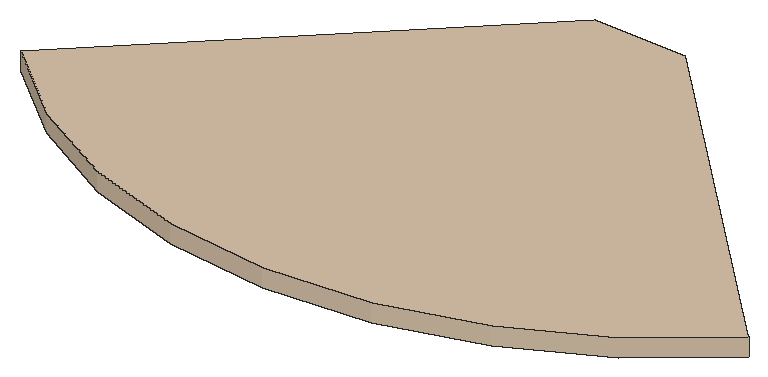
Revit family "Haworth_Planes_TrainingTable_Pie", category Furniture Systems, Revit 2018
Family settings
  Round Connector Dimension = Use Diameter
  Part Type = Normal
  OmniClass Number = 23.40.70.14.64.21
  OmniClass Title = Systems Furniture
  Work Plane-Based = No
  Always vertical = Yes
  Cut with Voids When Loaded = No
  Shared = No
  Room Calculation Point = No
Parameters (values of type "30d")
  Worksurface Finish [instance] = Haworth _ Laminate _ Maple H-AE
  Worksurface Edge Finish [instance] = Haworth _ Laminate _ Maple H-AE
  Warranty = "http://www.haworth.com/resources/product-info/warranties"
  URL - Product = "http://www.haworth.com/products/tables/training/planes"
  Sustainability Info = "http://media.haworth.com/asset/5175/Planes%20tables%20PEDS.pdf"
  Standard Angles = "15, 30, 45, 90 degrees"  # constant formula
  Model = "TAPC"  # constant formula
  URL = "www.haworth.com"
  Size = "Verify Final Dim. w/ Haworth"  # constant formula
  Revision Number = "2"  # constant formula
  Min Depth = 20"  # constant formula
  Min Angle = 15.00°  # constant formula
  Max Depth = 30"  # constant formula
  Max Angle = 90.00°  # constant formula
  Manufacturer = "Haworth"  # constant formula
  Height = 29"
  Description = "Haworth - Planes Training - Table Pie - 30d"
  Depth = 30"
  Custom Size = not(or(Depth = 20", Depth = 24", Depth = 30"))  # no
  Author = "Haworth (Hampton, Alias)"  # constant formula
  Assembly Code = "E2020200"
  Worksurface Thickness = 1 3/16"  # constant formula
  Standard Depths = "20, 24, 30 inches"  # constant formula
  Angle Half = Actual Angle / 2  # 45.00°
  Actual Depth = if(Depth < Min Depth, Min Depth, if(Depth > Max Depth, Max Depth, Depth))  # 30"
  Actual Angle = if([90 Degrees], 90.00°, if([45 Degrees], 45.00°, if([30 Degrees], 30.00°, 15.00°)))  # 90.00°
  90 Degrees = not(or([45 Degrees], [30 Degrees], [15 Degrees]))  # yes
  45 Degrees = no
  30 Degrees = no
  15 Degrees = no
Types (3): name | Description | Depth | Actual Depth
  24d | "Haworth - Planes Training - Table Pie - 24d" | 24" | 24"
  20d | "Haworth - Planes Training - Table Pie - 20d" | 20" | 20"
  30d | "Haworth - Planes Training - Table Pie - 30d" | 30" | 30"
Reference planes (in)
  plane 1 "Center F/B": y = 3
  plane 2 "Floor": z = 0
  plane 3 "Center L/R": x = 0.66701
  plane 4 "Table Top": z = 29
  plane 5 "MASKING REGION": z = 27.8125
  plane 6 "Left Back": x = -2.33299
  plane 7 "Right Back": x = 3.66701
  plane 8 "Left Angle 90": through (-2.33299, 3, 48) normal (0.7071, -0.7071, 0)
  plane 9 "Right Angle 90": through (3.66701, 3, 48) normal (0.7071, 0.7071, 0)
Forms (in)
  Extrusion 1, solid, material "Haworth _ Laminate _ Maple H-AE" <- "Worksurface Finish"
    sketch origin (-0.18708, 0, 28.8125) x (1, 0, 0) y (0, 1, 0)
      loop
        line (3.85409, 3) -> (-2.14591, 3) -> (-23.35911, -18.2132)
        arc (-23.35911, -18.2132) -> (0.85409, -28.27729) -> (25.0673, -18.2132) r 34.15933
        line (25.0673, -18.2132) -> (3.85409, 3)
    from -1 to 0.1875
Lines and regions (in)
  Masking region 1
    outline origin (0, 0, 0) x (1, 0, 0) y (0, 1, 0)
      loop
        line (3.66701, 3) -> (-2.33299, 3) -> (-23.54619, -18.2132)
        arc (-23.54619, -18.2132) -> (0.66701, -28.27729) -> (24.88022, -18.2132) r 34.15933
        line (24.88022, -18.2132) -> (3.66701, 3)
Dimensions and locks (in)
  "Height": plane 4 "Table Top" to level
  "Worksurface Thickness": plane 4 "Table Top" to plane 5 "MASKING REGION"
  plane 6 "Left Back" to plane 3 "Center L/R" = 3"
  plane 3 "Center L/R" to plane 7 "Right Back" = 3"
  locked: plane 9 "Right Angle 90" to plane 3 "Center L/R" at 0  (x2)
  "Actual Depth": Masking region 1 sketch curve to Masking region 1 sketch curve  (x2)
  "Actual Depth": Extrusion 1 sketch curve to Extrusion 1 sketch curve  (x2)
  "Angle Half": angle plane 8 "Left Angle 90" to plane 6 "Left Back"
  "Angle Half": angle plane 7 "Right Back" to plane 9 "Right Angle 90"
  aligned: plane 5 "MASKING REGION" to Extrusion 1
  aligned: Extrusion 1 to plane 4 "Table Top"
  aligned and locked: plane 9 "Right Angle 90" to Masking region 1 sketch curve
  aligned and locked: Masking region 1 sketch curve to plane 8 "Left Angle 90"
  aligned and locked: Masking region 1 sketch curve to plane 1 "Center F/B"
  aligned and locked: Extrusion 1 sketch curve to plane 1 "Center F/B"
  aligned and locked: Extrusion 1 sketch curve to plane 9 "Right Angle 90"
  aligned and locked: Extrusion 1 sketch curve to plane 8 "Left Angle 90"
  aligned and locked: Extrusion 1 to plane 4 "Table Top"
  aligned and locked: plane 5 "MASKING REGION" to Extrusion 1
Automatic sketch dimensions
  Extrusion 1 sketch curve to plane 1 "Center F/B" = 2.88204"
  Masking region 1 sketch curve to plane 1 "Center F/B" = 2.88204"
